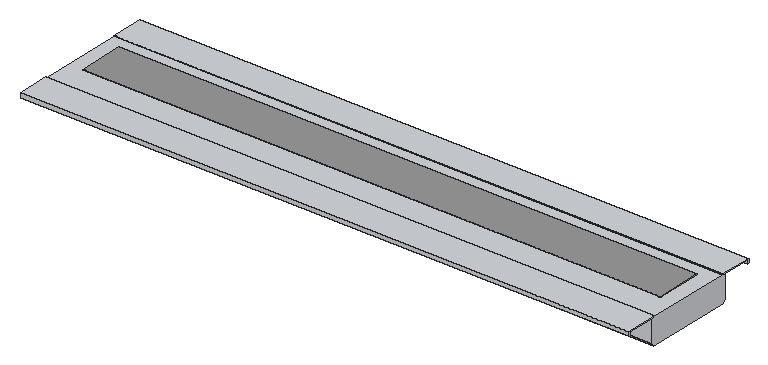
Revit family "2021683 Sylvania Lighting Fixture OPTIX R 1200 ASYMMETRIC 3K DALI WHITE", category Lighting Fixtures, host Face, Revit 2018
Family settings
  Host = Face
  Round Connector Dimension = Use Diameter
  Part Type = Normal
  OmniClass Number = 23.80.70.00
  OmniClass Title = Lighting
  Cut with Voids When Loaded = No
  Light Source = Yes
  Shared = No
  Room Calculation Point = No
Parameters (values of type "2021683 OPTIX R 1200 ASYM 3K DA WHT")
  spacer height = 8 mm
  spacer centres = 1000 mm
  Width = 293 mm
  Weight = "n/a"
  Wattage Comments = ""
  Wattage = 9.2903 W
  WarrantyStartDate [instance] = "n/a"
  WarrantyGuarantorParts = "n/a"
  WarrantyDurationUnit = "n/a"
  WarrantyDurationParts = ""
  WarrantyDescription = "http://www.sylvania-lighting.com"
  built-in parameter 1150110 = 1 (stored number, unit not read)
  Voltage = 0 V
  URL = "0.98"
  TypeName = "OPTIX R 1200 ASYMMETRIC 3K DALI WHITE"
  Type Image = <None>
  Type Comments = "n/a"
  built-in parameter 1114217 = 1 (stored number, unit not read)
  Tilt Angle = 90.00°
  built-in parameter 1150109 = 1 (stored number, unit not read)
  built-in parameter 1150134 = 3
  built-in parameter 1150113 = 1 (stored number, unit not read)
  SerialNumber [instance] = "n/a"
  Photometric Web File = "2021683.ies"
  Material_3_FEILO = none
  PowerFactor = 0
  PowerConsumption = "Lighting"
  NominalLength = 293 mm
  NominalHeight = 0 mm
  NominalDepth = 0 mm
  Name = "OPTIX R 1200 ASYMMETRIC 3K DALI WHITE"
  ModelReference = Name  # "OPTIX R 1200 ASYMMETRIC 3K DALI WHITE"
  ModelNumber = "2021683"
  Model = Name  # "OPTIX R 1200 ASYMMETRIC 3K DALI WHITE"
  Material = "Feilo Sylvania"
  ManufacturerName = "113 lm/W"
  Manufacturer = ""
  LuminousEfficacy = ""
  built-in parameter 1150105 = 109.82 (stored number, unit not read)
  Lumens = 1380 lm
  LuminaireType = "0"
  built-in parameter 1150115 = 1 (stored number, unit not read)
  LightOutputRatio = "LED"
  built-in parameter 1150137 = (empty or 0)
  built-in parameter 1150139 = (empty or 0)
  Length = 1196 mm
  LampsType = Lamp  # "n/a"
  LampNominalLuminous = "3000 K"
  LampMacAdamStep = "80"
  LampColourTemperature = "LED"
  LampColourRenderingIndex = "16500"
  built-in parameter 1150112 = 1 (stored number, unit not read)
  built-in parameter 1150114 = 1 (stored number, unit not read)
  Lamp = "n/a"
  Keynote = "n/a"
  InstallationDate [instance] = "n/a"
  InputVoltage = "0"
  InputNominalFrequency = "3000"
  built-in parameter 1150132 = (empty or 0)
  built-in parameter 1150102 = (empty or 0)
  built-in parameter 1150107 = 3200 (stored number, unit not read)
  built-in parameter 1150138 = (empty or 0)
  IngressProtection = "IfcLightFixtureType"
  ImpactProtectionIndex = "IfcLightFixtureType"
  built-in parameter 1150106 = 1.0982 (stored number, unit not read)
  IfcExportType = "IfcLightFixtureType"
  IfcExportAs = "Class I"
  Height = 52 mm
  ExpectedLife = 50000
  Emit from Circle Diameter = 609.6 mm
  Emit Shape Visible in Rendering = no
  ElectricShockClassification = "113"
  built-in parameter 1150104 = 13.8 (stored number, unit not read)
  DurationUnit = "hours"
  DocumentationLiterature = "http://www.sylvania-lighting.com/product/en-int/products/2021683"
  DimmingControlOptions = "n/a"
  Material_2_FEILO = none
  Dimming Lamp Color Temperature Shift = <None>
  Description = "Recessed LED Linear luminaire with Asymmetric Aluminium Reflector, Asymmetric Light Distribution, Luminaire Dimensions: 1196x293x52mm, Sylvania White body colour, IP20, IK07, DALI dimmable, Low LED flicker (+/-5%), Warm White (3000K) LED Colour Temperature, 3380lm, 30W, 113lm/W efficacy, CRI>80, 3 SDCM (3-step MacAdam ellipse) LED Colour Consistency, Lumen Maintenance: L90B50 at 60,000 hours."
  Default Elevation = 1219.2 mm
  CreatedOn = "24/03/2021"
  CreatedBy = "@sylvania-lighting.com"
  Cost = 0
  Color Filter = 16777215
  built-in parameter 1114216 [instance] = (empty or 0)
  ClassificationValue = "EF_70_80"
  ClassificationName = "Uniclass2015"
  Material_1_FEILO = none
  BarCode [instance] = "n/a"
  built-in parameter 1114218 = 1 (stored number, unit not read)
  built-in parameter 1150133 = 10 (stored number, unit not read)
  AssetType = "Fixed"
  AssetIdentifier [instance] = "n/a"
  Assembly Code = "D5020200"
  Apparent Load = 30 VA
  Material_4_FEILO = none
Reference planes
  plane 1 "Center (Front/Back)": y = 0
  plane 2: z = 0
  plane 3 "Center (Left/Right)": x = 0
  plane 4: z = 0
  plane 5: z = -52
  plane 6: y = 146.5
  plane 7: y = -146.5
  plane 8: x = -598
  plane 9: x = 598
  plane 10: z = -8
  plane 11: y = 145.5
  plane 12: z = -1
  plane 13: y = -145.5
  plane 14: z = -1
  plane 15: y = 89.5
  plane 16: y = -89.5
  plane 17: y = 84.5
  plane 18: z = -47
  plane 19: z = -47
  plane 20: y = -84.5
  plane 21: x = 568
  plane 22: x = -568
  plane 23: y = -31.5
  plane 24: y = 58.5
Forms (mm)
  Extrusion 1, solid, material <- "Material_1_FEILO", detail levels medium+fine
    sketch origin (319, 1524, 1219.2) x (0, 1, 0) y (0, 0, 1)
      loop
        line (-1377.5, -1227.2) -> (-1377.5, -1219.2) -> (-1440.5, -1219.2) -> (-1440.5, -1220.2) -> (-1378.5, -1220.2) -> (-1378.5, -1227.2) -> (-1377.5, -1227.2)
    from -917 to 279
  Extrusion 2, solid, material <- "Material_1_FEILO", detail levels medium+fine
    sketch origin (0, 0, 0) x (0, 1, 0) y (0, 0, 1)
      loop
        line (-145.5, -8) -> (-145.5, -1) -> (-83.5, -1) -> (-83.5, 0) -> (-146.5, 0) -> (-146.5, -8) -> (-145.5, -8)
    from -598 to 598
  Extrusion 3, solid, material <- "Material_1_FEILO", detail levels medium+fine
    sketch origin (319, 1524, 1219.2) x (0, 1, 0) y (0, 0, 1)
      loop
        line (-1434.5, -1220.2) -> (-1613.5, -1220.2) -> (-1613.5, -1266.2) -> (-1608.5, -1271.2) -> (-1439.5, -1271.2) -> (-1434.5, -1266.2) -> (-1434.5, -1220.2)
    from -917 to 279
  Extrusion 4, solid, material "Glass, White, High Luminance", detail levels fine
    sketch origin (4.2, 0, 0) x (1, 0, 0) y (0, 1, 0)
      loop
        line (-572.2, 58.5) -> (-572.2, -31.5) -> (563.8, -31.5) -> (563.8, 58.5) -> (-572.2, 58.5)
    from 0 to 1
  Extrusion 5, void
    sketch origin (-984.261, -52.317, -52) x (1, 0, 0) y (0, 1, 0)
      loop
        line (386.261, 198.817) -> (386.261, -94.183) -> (1582.261, -94.183) -> (1582.261, 198.817) -> (386.261, 198.817)
    from -337.369 to 583.514
  Extrusion 6, solid, detail levels coarse
    sketch origin (0, 1219.2, 38) x (1, 0, 0) y (0, 1, 0)
      loop
        line (-598, -1072.7) -> (-598, -1365.7) -> (598, -1365.7) -> (598, -1072.7) -> (-598, -1072.7)
    from -37 to -90
Dimensions and locks
  "Width": plane 6 to plane 7
  equal spacing: plane 6, plane 1 "Center (Front/Back)", plane 7
  "Length": plane 8 to plane 9
  equal spacing: plane 8, plane 3 "Center (Left/Right)", plane 9
  "spacer height": host face to plane 10
  "Height": level to plane 5
  plane 3 "Center (Left/Right)" to Extrusion 1 = 598 mm
  aligned and locked: plane 2 to host face
  aligned and locked: level to host face
Automatic sketch dimensions
  host sketch curve to host sketch curve = 2438.4 mm
  host sketch curve to host sketch curve = 2429.7 mm
  Extrusion 1 sketch curve to plane 10 = 0 mm
  Extrusion 1 sketch curve to plane 11 = 0 mm
  Extrusion 1 sketch curve to plane 6 = 0 mm
  Extrusion 1 sketch curve to plane 12 = 0 mm
  Extrusion 1 sketch curve to level = 0 mm
  Extrusion 2 sketch curve to plane 7 = 0 mm
  Extrusion 2 sketch curve to plane 13 = 0 mm
  Extrusion 2 sketch curve to plane 12 = 0 mm
  Extrusion 2 sketch curve to plane 10 = 0 mm
  Extrusion 2 sketch curve to level = 0 mm
  Extrusion 2 sketch curve to plane 16 = 6 mm
  plane 15 to Extrusion 1 sketch curve = 6 mm
  Extrusion 3 sketch curve to plane 12 = 0 mm
  Extrusion 3 sketch curve to plane 16 = 0 mm
  Extrusion 3 sketch curve to plane 5 = 0 mm
  Extrusion 3 sketch curve to plane 20 = 0 mm
  Extrusion 3 sketch curve to plane 17 = 0 mm
  Extrusion 3 sketch curve to plane 15 = 0 mm
  Extrusion 3 sketch curve to plane 18 = 0 mm  (x2)
  Extrusion 4 sketch curve to plane 22 = 0 mm
  Extrusion 4 sketch curve to plane 21 = 0 mm
  Extrusion 4 sketch curve to plane 23 = 0 mm
  plane 24 to Extrusion 4 sketch curve = 0 mm
  Extrusion 5 sketch curve to Extrusion 5 sketch curve = 1196 mm
  Extrusion 5 sketch curve to plane 6 = 293 mm
  Extrusion 5 sketch curve to plane 9 = 1196 mm
  Extrusion 5 sketch curve to Extrusion 5 sketch curve = 293 mm
  Extrusion 6 sketch curve to plane 7 = 0 mm
  Extrusion 6 sketch curve to plane 8 = 0 mm
  Extrusion 6 sketch curve to plane 9 = 0 mm
  Extrusion 6 sketch curve to plane 11 = 1 mm
Connectors
  electrical at (0, 0, -52)
    settings: on Extrusion 3, index 1, voltage 0 V, apparent load 0 VA, apparent load phase1 0 VA, apparent load phase2 0 VA, apparent load phase3 0 VA, power factor 1, load classification "Other", number of poles 1, system type 31, power factor state 1, is connector primary yes, connector utility no, sub classification motor no, connector description ""
